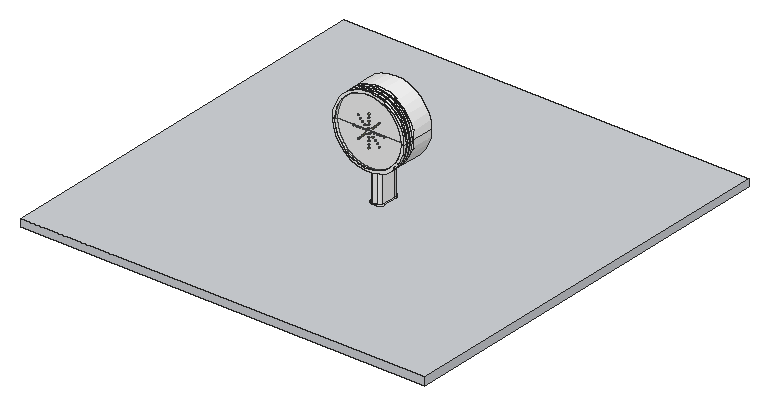
Revit family "CC_1W", category Lighting Fixtures, host Face, Revit 2021
Family settings
  Host = Face
  Round Connector Dimension = Use Diameter
  Part Type = Normal
  OmniClass Number = 23.80.70.11.14.17
  OmniClass Title = Direct/Indirect
  Cut with Voids When Loaded = No
  Light Source = No
  Shared = Yes
  Room Calculation Point = No
Parameters (values of type "CC-1W")
  White = Paint - Matte White
  Watts = 24 W
  Wattage Comments = "24"
  Warranty = "5 years Warranty"  # constant formula
  Voltage = 120 V
  URL = "https://www.currentlighting.com/kimlighting"
  Product Link = ""
  Product Documentation Link = ""
  Power Factor = 1
  Model = "Curvilinear Cutoff"  # constant formula
  Manufacturer = "KIM Lighting"  # constant formula
  Load Classification = Lighting
  Lamp = "LED"
  Housing Material = Paint -  Textured Camera Black
  Gold = Gold
  Glass = Glass
  Fixture distribution = "Direct"  # constant formula
  Features = "• TIR Optics\r\n• Available in 595nm, 3000K, 4000K and 5000K standard CCT\r\n• Type 1, 2, 3, 4, 4W, 5QM, 5QN, 5R, 5W distributions\r\n• 0 - 10V dimming drivers standard\r\n• IP66 optic assembly"  # constant formula
  Description = "Sharp Cutoff and Visual Uniformity. The classic cylindrical design of the Curvilinear luminaire features a simple geometric shape for architectural relevance and is ideal for retail outlets or automotive dealerships. The luminaire family is designed for performance, providing energy efficiency, and glare control, all manufactured to Kim Lightings high standards for quality."  # constant formula
  Default Elevation = 48"
  Copyright = "©  Kim Lighting"  # constant formula
  Contact = ""
  Connector Description = "Lighting Connector"  # constant formula
  Assembly Code = "D5020200"
  Apparent Load = Watts / Power Factor  # 24 VA
Reference planes (in)
  plane 1 "Center (Front/Back)": y = 0
  plane 2: z = 0.5561
  plane 3 "Center (Left/Right)": x = 0
  plane 4: z = 144.5561
Forms (in)
  Extrusion 1, solid
    sketch origin (0, 0, 0) x (1, 0, 0) y (0, 1, 0)
      loop
        line (-48, 48) -> (-48, -48) -> (48, -48) -> (48, 48) -> (-48, 48)
    from 0.5561 to -1.25
Dimensions and locks (in)
  plane 4 to Extrusion 1 = 144"
  aligned and locked: plane 2 to Extrusion 1
Nested families (in)
  nested 1: "CC_Wall_Base" at (0, 0, 0.5561) x (-1, 0, 0) z (0, 0, 1), type "LTV767NF/6L3KUV/NB"
Connectors (in)
  electrical at (0.01569, -0.21744, 0.56799), driven by "Voltage", driven by "Apparent Load", driven by "Power Factor", driven by "Connector Description"
    settings: on nested 1, index 1, voltage 120 V, apparent load 24 VA, apparent load phase1 0 VA, apparent load phase2 0 VA, apparent load phase3 0 VA, power factor 1, load classification "Other", number of poles 1, system type 30, power factor state 1, is connector primary yes, connector utility no, sub classification motor no, connector description "Lighting Connector"
Definition of nested family "CC_Wall_Base"
  Parameters
    White Surface = none
    Wattage Comments = "11W"
    Wattage = 28 W
    built-in parameter 1150110 = 1 (stored number, unit not read)
    Voltage = "120 to 277V"
    URL = "https://www.hubbell.com/hubbelllightingci/en/"
    Type Comments = "Lighting Fixture"  # constant formula
    built-in parameter 1114217 = 1 (stored number, unit not read)
    Tilt Angle = 45.00°
    built-in parameter 1150109 = 1 (stored number, unit not read)
    built-in parameter 1150134 = 3
    built-in parameter 1150113 = 1 (stored number, unit not read)
    Specification = "Energy efficient LED models\r\nBrass or aluminum housing for durability\r\nHex cell louver and prismatic spread lens options"  # constant formula
    Series = "In-grade/ Landscape "  # constant formula
    Product Page = "https://www.hubbell.com/hubbelllightingci/en/Products/Lighting-Controls/Commercial-Outdoor-Lighting/In-Grade/In-Grade-Minivault/p/248531"
    Power Factor = 1  # constant formula
    Photometric Web File = "CC17x2-36L-225-3K7-2.ies"
    OmniClass Title = "Buried Uplights"  # constant formula
    OmniClass Number = "23-80 70 14 11 21"  # constant formula
    Number of Poles = 1
    Note Visible = yes
    Note Text = "LF"  # constant formula
    Model = "LTV767NF/6L3KUV/NB"  # constant formula
    Manufacturer = "KIM Lighting"  # constant formula
    built-in parameter 1150105 = 270.05 (stored number, unit not read)
    Lumens = 3393.6 lm
    built-in parameter 1150115 = 1 (stored number, unit not read)
    built-in parameter 1150137 = (empty or 0)
    built-in parameter 1150139 = (empty or 0)
    Lens Ring Material = none
    built-in parameter 1150112 = 1 (stored number, unit not read)
    built-in parameter 1150114 = 1 (stored number, unit not read)
    Lamp = "LED"
    LED = none
    built-in parameter 1150132 = (empty or 0)
    built-in parameter 1150102 = (empty or 0)
    built-in parameter 1150107 = 3200 (stored number, unit not read)
    built-in parameter 1150138 = (empty or 0)
    built-in parameter 1150106 = 2.7005 (stored number, unit not read)
    Emit from Circle Diameter = 15"
    Emit Shape Visible in Rendering = no
    Diameter = 7 1/4"
    Contact us = "https://www.hubbell.com/hubbelllightingci/en/contactUs?productId=248531"
    Composite Housing material = none
    Glass Material = none
    Full Load Current = 11 A
    Frequency = 60 Hz
    Finish = "Cast Bronze, Natural Finish"  # constant formula
    built-in parameter 1150104 = 11.26 (stored number, unit not read)
    Dimming Lamp Color Temperature Shift = (empty or 0)
    Description = "Minivault incorporates more than 50 years of in-grade experience into every luminaire. A commitment to produce the most durable product possible is the core of the series, which now includes new low wattage pulse start metal halide lamps and LEDs expanding into residential applications."  # constant formula
    Default Elevation = 0"
    Color Filter = 16777215
    built-in parameter 1114218 = 1 (stored number, unit not read)
    built-in parameter 1150133 = 10 (stored number, unit not read)
    Assembly Code = "D5020200"
    Apparent Load = 11 VA
  Reference planes (in)
    plane 1 "Center (Front/Back)": y = 0
    plane 2: z = 0
    plane 3 "Center (Left/Right)": x = 0
    plane 4: x = -8.5
    plane 5: x = 8.5
    plane 6: y = 8.5
    plane 7: y = -8.5
  Forms (in)
    Extrusion 1, solid
      sketch origin (0, 0, 0) x (1, 0, 0) y (0, 1, 0)
        loop
          line (-48, 48) -> (-48, -48) -> (48, -48) -> (48, 48) -> (-48, 48)
      from 0 to -1.39695
    Revolve 2, solid, material <- "White Surface"
      sketch origin (0, -3.28256, 16.26189) x (0, -1, 0) y (1, 0, 0)
        loop
          line (-8, 7.87949) -> (-7.41108, 7.87949) -> (-7.41108, 0) -> (0, 0) -> (0, 8.5) -> (-5.0625, 8.5) -> (-5.27642, 8.12949) -> (-5.53608, 8.12949) -> (-5.75, 8.5) -> (-6, 8.5) -> (-6.21392, 8.12949) -> (-6.47358, 8.12949) -> (-6.6875, 8.5) -> (-6.9375, 8.5) -> (-7.15142, 8.12949) -> (-7.41108, 8.12949) -> (-7.625, 8.5) -> (-8, 8.5) -> (-8, 7.87949)
        axis (-8, 0) -> (0, 0)
      angle from 0 to 360
    Extrusion 3, solid, material <- "White Surface"
      sketch origin (0, -3.53256, 13.01189) x (0, -1, 0) y (-1, 0, 0)
        loop
          line (-6.25, 0.51569) -> (-6.25, -0.48431)
          arc (-6.25, -0.48431) -> (-6.03033, -1.01464) -> (-5.5, -1.23431) r 0.75
          line (-5.5, -1.23431) -> (-2, -1.23431)
          arc (-2, -1.23431) -> (-1.46967, -1.01464) -> (-1.25, -0.48431) r 0.75
          line (-1.25, -0.48431) -> (-1.25, 0.51569)
          arc (-1.25, 0.51569) -> (-1.46967, 1.04602) -> (-2, 1.26569) r 0.75
          line (-2, 1.26569) -> (-5.5, 1.26569)
          arc (-5.5, 1.26569) -> (-6.03033, 1.04602) -> (-6.25, 0.51569) r 0.75
      from 4.41755 to 13
    Extrusion 4, solid, material <- "LED"
      sketch origin (0, 12.21744, 16.26189) x (1, 0, 0) y (0, 0, -1)
        loop
          circle (0, -0.60445) r 0.16569
        loop
          circle (0.60445, 0) r 0.16569
        loop
          circle (0, 0.60445) r 0.16569
        loop
          circle (-0.60445, 0) r 0.16569
        loop
          circle (0, -1.35445) r 0.16569
        loop
          circle (0, -2.10445) r 0.16569
        loop
          circle (0, -2.85445) r 0.16569
        loop
          circle (0, -3.60445) r 0.16569
        loop
          circle (0.95774, -0.95774) r 0.16569
        loop
          circle (1.35445, 0) r 0.16569
        loop
          circle (0.95774, 0.95774) r 0.16569
        loop
          circle (0, 1.35445) r 0.16569
        loop
          circle (-0.95774, 0.95774) r 0.16569
        loop
          circle (-1.35445, 0) r 0.16569
        loop
          circle (-0.95774, -0.95774) r 0.16569
        loop
          circle (1.48807, -1.48807) r 0.16569
        loop
          circle (2.10445, 0) r 0.16569
        loop
          circle (1.48807, 1.48807) r 0.16569
        loop
          circle (0, 2.10445) r 0.16569
        loop
          circle (-1.48807, 1.48807) r 0.16569
        loop
          circle (-2.10445, 0) r 0.16569
        loop
          circle (-1.48807, -1.48807) r 0.16569
        loop
          circle (2.0184, -2.0184) r 0.16569
        loop
          circle (2.54873, -2.54873) r 0.16569
        loop
          circle (2.85445, 0) r 0.16569
        loop
          circle (3.60445, 0) r 0.16569
        loop
          circle (2.0184, 2.0184) r 0.16569
        loop
          circle (2.54873, 2.54873) r 0.16569
        loop
          circle (0, 2.85445) r 0.16569
        loop
          circle (0, 3.60445) r 0.16569
        loop
          circle (-2.0184, 2.0184) r 0.16569
        loop
          circle (-2.54873, 2.54873) r 0.16569
        loop
          circle (-2.85445, 0) r 0.16569
        loop
          circle (-3.60445, 0) r 0.16569
        loop
          circle (-2.0184, -2.0184) r 0.16569
        loop
          circle (-2.54873, -2.54873) r 0.16569
      from -7.87223 to -7.625
    Extrusion 5, solid, material <- "Glass Material"
      sketch origin (0, 12.59244, 16.26189) x (1, 0, 0) y (0, 0, -1)
        loop
          circle (0, 0) r 7.87949
      from -8 to -7.87223
    Extrusion 6, solid, material <- "White Surface"
      sketch origin (0, 0, 0) x (1, 0, 0) y (0, 1, 0)
        loop
          line (-0.51569, -2.53256) -> (0.48431, -2.53256)
          arc (0.48431, -2.53256) -> (1.19142, -2.23966) -> (1.48431, -1.53256) r 1
          line (1.48431, -1.53256) -> (1.48431, 1.96744)
          arc (1.48431, 1.96744) -> (1.19142, 2.67455) -> (0.48431, 2.96744) r 1
          line (0.48431, 2.96744) -> (-0.51569, 2.96744)
          arc (-0.51569, 2.96744) -> (-1.22279, 2.67455) -> (-1.51569, 1.96744) r 1
          line (-1.51569, 1.96744) -> (-1.51569, -1.53256)
          arc (-1.51569, -1.53256) -> (-1.22279, -2.23966) -> (-0.51569, -2.53256) r 1
      from 0 to 0.17478
  Cuts and joins
    joined: Extrusion 3, Extrusion 6
  Dimensions and locks (in)
    aligned and locked: plane 2 to Extrusion 1
    aligned and locked: level to Extrusion 1
